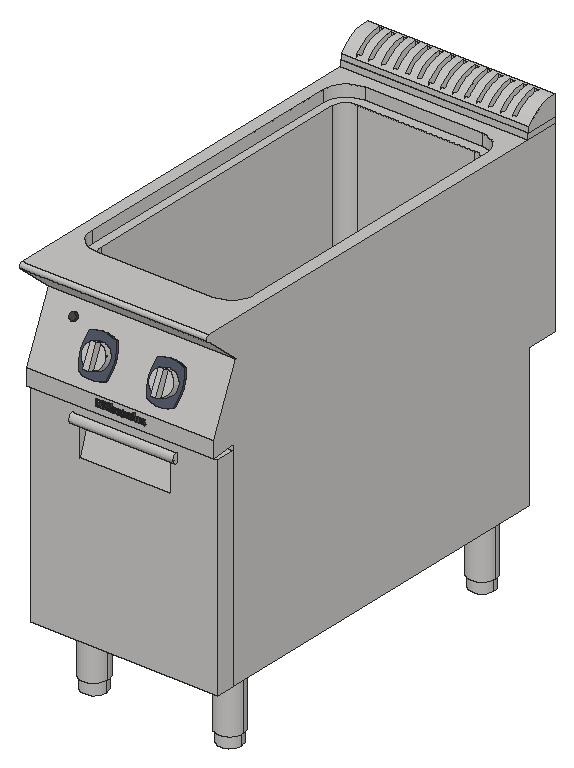
Revit family "QF_ELECTROLUXPROFESSIONAL_391412_E9OOCDBAMC", category Specialty Equipment, Revit 2018
Family settings
  Round Connector Dimension = Use Diameter
  Part Type = Normal
  Work Plane-Based = No
  Always vertical = Yes
  Cut with Voids When Loaded = No
  Shared = No
  Room Calculation Point = No
Parameters (values of type "Standard")
  Weight = 62.00 kg
  Watts = 0 W
  Volts = 380 V
  URL Manufacturer = "http://professional.electrolux.com"
  URL = "http://professional.electrolux.com"
  Steam Supply Size = 0"
  Steam Supply Minimum Pressure = 0.00 psi
  Steam Supply Maximum Pressure = 0.00 psi
  Steam Pounds per Hour = 0
  Show Logo [instance] = yes
  Show Clearance [instance] = yes
  Refrigeration Suction Line Size = 0 mm
  Refrigeration Liquid Line Size = 0 mm
  Refrigerant Compressor Remote = yes
  Phase = 3
  Model = "E9OOCDBAMC"
  Manufacturer = "Electrolux Professional"
  Length Actual = 400 mm  # constant formula
  Item Number = "391412"
  Hot Water Size = 0"
  Height Actual = 850 mm  # constant formula
  HP = "13.4 HP"
  Gas Size = 0"
  Gas KW = 0
  Gas Input Pressure = 0.0 Btu/h
  Direct Waste Size = 1"
  Description = "ELECTRIC PASTA COOKER 1X40 LT WELL (AUS)"
  Depth Actual = 930 mm  # constant formula
  Cycle = 50 Hz
  Condensate Return Size = 0"
  Compressed Air Volume = 0 GPM
  Compressed Air Size = 0"
  Compressed Air Pressure = 0.00 psi
  Cold Water Size = 3/4"
  Accessory = yes
Reference planes
  plane 1 "BACK": y = 0
  plane 2: z = 0
  plane 3 "LEFT": x = 0
  plane 4 "RIGHT": x = 400
  plane 5 "FRONT": y = -930
  plane 6 "TOP": z = 908
  plane 7 "Center Y": x = 200
  plane 8 "Center X": y = -465
  plane 9 "BASE": z = 601.763
  plane 10 "TOP A": z = 851
  plane 11: z = 150
  plane 12: y = -126
  plane 13: y = -800
  plane 14: y = -1273
  plane 15: x = 345
  plane 16: x = 55
  plane 17: y = -1273
  plane 18: x = 232
  plane 19: x = 334.782
  plane 20: x = 240
  plane 21: x = 240
Forms (mm)
  Extrusion 1, solid, material "QF_Finishes_Stainless Steel"
    sketch origin (0, 0, 0) x (0, 1, 0) y (0, 0, 1)
      loop
        line (0, 851) -> (-923.65, 851)
        arc (-923.65, 851) -> (-929.517, 847.08) -> (-928.14, 840.16) r 6.35
        line (-928.14, 840.16) -> (-852.034, 773.495) -> (-912.145, 642.892) -> (-912.145, 608.853) -> (-858.773, 614.463) -> (-858.773, 150) -> (-70, 150) -> (-70, 451.763) -> (0, 451.763) -> (0, 851)
      loop
        line (-900, 601.763) -> (-900, 150) -> (-860.361, 150) -> (-860.361, 601.763) -> (-900, 601.763)
    from 0 to 400
  Extrusion 2, void
    sketch origin (0, 0, 851) x (-1, 0, 0) y (0, -1, 0)
      loop
        arc (-75, 101.89) -> (-39.645, 116.535) -> (-25, 151.89) r 50
        line (-25, 151.89) -> (-25, 770)
        arc (-25, 770) -> (-39.645, 805.355) -> (-75, 820) r 50
        line (-75, 820) -> (-325, 820)
        arc (-325, 820) -> (-360.355, 805.355) -> (-375, 770) r 50
        line (-375, 770) -> (-375, 151.89)
        arc (-375, 151.89) -> (-360.355, 116.535) -> (-325, 101.89) r 50
        line (-325, 101.89) -> (-75, 101.89)
    from 0 to -25
  Extrusion 3, solid, material "QF_Clearances", visible <- "Show Clearance", detail levels coarse
    sketch origin (0, 0, 0) x (1, 0, 0) y (0, 1, 0)
      loop
        line (0, -930) -> (0, 0) -> (400, 0) -> (400, -930) -> (550.019, -930) -> (550.019, 150.019) -> (-150.019, 150.019) -> (-150.019, -930) -> (0, -930)
    from 0 to 908
  Revolve 4, solid, material "QF_Finishes_Stainless Steel"
    sketch origin (0, -126, 608.09) x (0, 0, 1) y (-1, 0, 0)
      loop
        line (-608.09, -55) -> (-458.09, -55) -> (-458.09, -26) -> (-583.09, -26) -> (-583.09, -28.75) -> (-608.09, -28.75) -> (-608.09, -55)
      axis (-608.09, -55) -> (-458.09, -55)
    angle from 0 to 360
  Revolve 5, solid, material "QF_Finishes_Stainless Steel"
    sketch origin (400.05, -126, 608.09) x (0, 0, 1) y (-1, 0, 0)
      loop
        line (-608.09, 55.05) -> (-608.09, 29.8) -> (-583.09, 29.8) -> (-583.09, 26.05) -> (-458.09, 26.05) -> (-458.09, 55.05) -> (-608.09, 55.05)
      axis (-608.09, 55.05) -> (-458.09, 55.05)
    angle from 0 to 360
  Extrusion 6, solid, material "QF_Door-Drawer Clearances", visible <- "Show Clearance", detail levels coarse
    sketch origin (0, 0, 851) x (-1, 0, 0) y (0, -1, 0)
      loop
        line (-400, 1273) -> (-400, 900) -> (-0.912, 900)
        arc (-0.912, 900) -> (-126.87, 1165.233) -> (-400, 1273) r 400
    from -701 to -249.237
  Revolve 7, solid, material "QF_Finishes_Stainless Steel"
    sketch origin (400.05, -800, 608.09) x (0, 0, 1) y (-1, 0, 0)
      loop
        line (-608.09, 55.05) -> (-608.09, 29.8) -> (-583.09, 29.8) -> (-583.09, 26.05) -> (-458.09, 26.05) -> (-458.09, 55.05) -> (-608.09, 55.05)
      axis (-608.09, 55.05) -> (-458.09, 55.05)
    angle from 0 to 360
  Extrusion 8, solid, material "QF_Finishes_Stainless Steel"
    sketch origin (200, 0, 0) x (0, 1, 0) y (0, 0, 1)
      loop
        line (-71.89, 863.9) -> (-71.89, 851) -> (0, 851) -> (0, 863.9) -> (-71.89, 863.9)
    from -200 to 200
  Extrusion 9, void
    sketch origin (200, -12.863, 0) x (0, 1, 0) y (0, 0, 1)
      loop
        line (-887.138, 564.263) -> (-887.138, 500.55) -> (-863.948, 564.263) -> (-887.138, 564.263)
    from -96.424 to 99.144
  Extrusion 10, solid, material "QF_Finishes_Stainless Steel"
    sketch origin (200, -12.863, 22.5) x (0, 1, 0) y (0, 0, 1)
      loop
        line (-887.137, 541.763) -> (-887.137, 561.763)
        arc (-887.137, 561.763) -> (-897.137, 551.763) -> (-887.137, 541.763) r 10
    from -110.529 to 112.106
  Revolve 11, solid, material "QF_Finishes_Stainless Steel"
    sketch origin (0, -800, 608.09) x (0, 0, 1) y (1, 0, 0)
      loop
        line (-608.09, 55) -> (-608.09, 28.75) -> (-583.09, 28.75) -> (-583.09, 26) -> (-458.09, 26) -> (-458.09, 55) -> (-608.09, 55)
      axis (-608.09, 55) -> (-458.09, 55)
    angle from 0 to 360
  Extrusion 12, solid, material "QF_Finishes_Stainless Steel"
    sketch origin (0, 0, 574.263) x (0, 1, 0) y (0, 0, 1)
      loop
        line (0, 289.638) -> (0, 333.737)
        arc (0, 333.737) -> (-39.336, 326.03) -> (-69.85, 300.038) r 79.141
        line (-69.85, 300.038) -> (-69.85, 289.638) -> (0, 289.638)
    from 0 to 400
  Extrusion 13, void
    sketch origin (0, 0, 848.9) x (0, -1, 0) y (1, 0, 0)
      loop
        line (6.761, 28.703) -> (63.911, 28.703) -> (63.911, 37.999) -> (6.761, 37.999) -> (6.761, 28.703)
      loop
        line (63.911, 63.487) -> (6.761, 63.487) -> (6.761, 54.191) -> (63.911, 54.191) -> (63.911, 63.487)
      loop
        line (63.911, 89.975) -> (6.761, 89.975) -> (6.761, 80.68) -> (63.911, 80.68) -> (63.911, 89.975)
      loop
        line (63.911, 115.464) -> (6.761, 115.464) -> (6.761, 106.168) -> (63.911, 106.168) -> (63.911, 115.464)
      loop
        line (63.911, 140.952) -> (6.761, 140.952) -> (6.761, 131.656) -> (63.911, 131.656) -> (63.911, 140.952)
      loop
        line (63.911, 166.44) -> (6.761, 166.44) -> (6.761, 157.145) -> (63.911, 157.145) -> (63.911, 166.44)
      loop
        line (63.911, 191.929) -> (6.761, 191.929) -> (6.761, 182.633) -> (63.911, 182.633) -> (63.911, 191.929)
      loop
        line (63.911, 217.417) -> (6.761, 217.417) -> (6.761, 208.121) -> (63.911, 208.121) -> (63.911, 217.417)
      loop
        line (63.911, 242.905) -> (6.761, 242.905) -> (6.761, 233.61) -> (63.911, 233.61) -> (63.911, 242.905)
      loop
        line (63.911, 268.394) -> (6.761, 268.394) -> (6.761, 259.098) -> (63.911, 259.098) -> (63.911, 268.394)
      loop
        line (63.911, 293.882) -> (6.761, 293.882) -> (6.761, 284.586) -> (63.911, 284.586) -> (63.911, 293.882)
      loop
        line (63.911, 319.37) -> (6.761, 319.37) -> (6.761, 310.075) -> (63.911, 310.075) -> (63.911, 319.37)
      loop
        line (63.911, 345.859) -> (6.761, 345.859) -> (6.761, 336.563) -> (63.911, 336.563) -> (63.911, 345.859)
      loop
        line (63.911, 370.347) -> (6.761, 370.347) -> (6.761, 361.051) -> (63.911, 361.051) -> (63.911, 370.347)
    from 25.4 to 63.5
  Extrusion 14, solid, material "QF_Finishes_Navy Blue", visible <- "Show Logo"
    sketch origin (0, -912.145, 608.853) x (0, 0, 1) y (-1, 0, 0)
      loop
        line (27.359, -159.055) -> (14.993, -159.055)
        arc (14.993, -159.055) -> (21.176, -163.626) -> (27.359, -159.055) r 6.467
      loop
        arc (27.359, -158.426) -> (26.19, -153.283) -> (21.534, -150.805) r 6.338
        line (21.534, -150.805) -> (21.534, -152.851)
        arc (21.534, -152.851) -> (23.018, -156.506) -> (26.464, -158.426) r 5.941
        line (26.464, -158.426) -> (27.359, -158.426)
      loop
        arc (15.888, -158.426) -> (19.334, -156.506) -> (20.817, -152.851) r 5.941
        line (20.817, -152.851) -> (20.817, -150.805)
        arc (20.817, -150.805) -> (16.123, -153.279) -> (14.834, -158.426) r 6.504
        line (14.834, -158.426) -> (15.888, -158.426)
      loop
        line (28.034, -150.336) -> (14.29, -150.336) -> (14.29, -164.099) -> (28.034, -164.099) -> (28.034, -150.336)
      loop
        arc (28.118, -167.066) -> (27.77, -166.709) -> (27.403, -167.047) r 0.358
        arc (27.403, -167.047) -> (27.089, -167.797) -> (26.372, -168.182) r 1.216
        line (26.372, -168.182) -> (15.959, -168.182)
        arc (15.959, -168.182) -> (15.299, -167.904) -> (14.903, -167.308) r 1.238
        arc (14.903, -167.308) -> (14.509, -167.057) -> (14.203, -167.411) r 0.358
        line (14.203, -167.411) -> (14.203, -177.29) -> (16.954, -177.29) -> (16.954, -176.393)
        arc (16.954, -176.393) -> (16.045, -175.813) -> (15.589, -174.836) r 1.928
        line (15.589, -174.836) -> (15.589, -172.337)
        arc (15.589, -172.337) -> (15.865, -171.608) -> (16.553, -171.244) r 1.101
        line (16.553, -171.244) -> (20.64, -171.244) -> (20.64, -174.917)
        arc (20.64, -174.917) -> (20.287, -175.414) -> (19.722, -175.642) r 1.083
        arc (19.722, -175.642) -> (19.459, -175.948) -> (19.751, -176.226) r 0.292
        line (19.751, -176.226) -> (22.713, -176.226)
        arc (22.713, -176.226) -> (23.016, -175.953) -> (22.777, -175.623) r 0.305
        arc (22.777, -175.623) -> (22.286, -175.375) -> (21.981, -174.917) r 1.083
        line (21.981, -174.917) -> (21.981, -171.244) -> (26.659, -171.244) -> (26.659, -174.991)
        arc (26.659, -174.991) -> (26.444, -175.747) -> (25.838, -176.245) r 1.314
        arc (25.838, -176.245) -> (25.619, -176.649) -> (25.973, -176.941) r 0.361
        line (25.973, -176.941) -> (28.118, -176.941) -> (28.118, -167.066)
      loop
        arc (27.4, -177.722) -> (27.02, -178.641) -> (26.101, -179.021) r 1.299
        line (26.101, -179.021) -> (16.522, -179.021)
        arc (16.522, -179.021) -> (15.684, -178.643) -> (15.413, -177.765) r 1.118
        line (15.413, -177.765) -> (14.203, -177.765) -> (14.203, -183.115) -> (15.391, -183.115)
        arc (15.391, -183.115) -> (15.663, -182.198) -> (16.533, -181.802) r 1.153
        line (16.533, -181.802) -> (28.605, -181.802) -> (27.4, -177.722)
      loop
        line (19.168, -185.751) -> (19.168, -192.198) -> (19.967, -192.198)
        arc (19.967, -192.198) -> (22.547, -191.214) -> (23.816, -188.76) r 3.874
        line (23.816, -188.76) -> (23.816, -187)
        arc (23.816, -187) -> (22.629, -184.135) -> (19.765, -182.949) r 4.051
        line (19.765, -182.949) -> (17.757, -182.949)
        arc (17.757, -182.949) -> (14.938, -184.434) -> (13.887, -187.441) r 4.352
        arc (13.887, -187.441) -> (14.251, -189.904) -> (15.629, -191.978) r 5.713
        line (15.629, -191.978) -> (16.578, -191.978)
        arc (16.578, -191.978) -> (15.845, -190.409) -> (15.629, -188.691) r 5.579
        arc (15.629, -188.691) -> (16.422, -186.728) -> (18.301, -185.751) r 3.057
        line (18.301, -185.751) -> (19.168, -185.751)
      loop
        line (20.427, -185.751) -> (20.427, -189.333)
        arc (20.427, -189.333) -> (21.884, -189.38) -> (22.767, -188.221) r 1.59
        line (22.767, -188.221) -> (22.767, -187.391)
        arc (22.767, -187.391) -> (21.902, -186.136) -> (20.427, -185.751) r 2.184
      loop
        arc (23.218, -201.616) -> (23.707, -199.942) -> (23.864, -198.205) r 9.023
        line (23.864, -198.205) -> (23.864, -196.843)
        arc (23.864, -196.843) -> (22.705, -194.043) -> (19.905, -192.883) r 3.959
        line (19.905, -192.883) -> (17.305, -192.883)
        arc (17.305, -192.883) -> (15.023, -194.176) -> (13.906, -196.549) r 4.331
        line (13.906, -196.549) -> (13.906, -198.684)
        arc (13.906, -198.684) -> (14.414, -200.234) -> (15.336, -201.58) r 5.772
        arc (15.336, -201.58) -> (16.098, -201.631) -> (16.184, -200.872) r 0.553
        arc (16.184, -200.872) -> (15.796, -200.138) -> (15.662, -199.319) r 2.573
        line (15.662, -199.319) -> (15.662, -197.804)
        arc (15.662, -197.804) -> (16.668, -196.162) -> (18.483, -195.52) r 2.884
        line (18.483, -195.52) -> (19.762, -195.52)
        arc (19.762, -195.52) -> (21.583, -196.08) -> (22.509, -197.745) r 2.554
        line (22.509, -197.745) -> (22.509, -198.798)
        arc (22.509, -198.798) -> (22.178, -199.726) -> (21.521, -200.461) r 2.564
        arc (21.521, -200.461) -> (21.299, -201.178) -> (21.909, -201.616) r 0.643
        line (21.909, -201.616) -> (23.218, -201.616)
      loop
        line (22.2, -201.886) -> (22.2, -203.387) -> (16.152, -203.387)
        arc (16.152, -203.387) -> (14.564, -204.045) -> (13.906, -205.633) r 2.246
        line (13.906, -205.633) -> (13.906, -207.217)
        arc (13.906, -207.217) -> (14.22, -208.081) -> (14.72, -208.853) r 4.06
        arc (14.72, -208.853) -> (15.453, -208.986) -> (15.704, -208.285) r 0.576
        arc (15.704, -208.285) -> (15.598, -207.759) -> (15.662, -207.227) r 1.69
        arc (15.662, -207.227) -> (16.204, -206.439) -> (17.11, -206.136) r 1.506
        line (17.11, -206.136) -> (22.248, -206.136) -> (22.248, -208.533) -> (22.805, -209.089) -> (23.626, -209.089) -> (23.626, -206.23) -> (26.857, -206.23) -> (22.2, -201.886)
      loop
        line (14.124, -209.987) -> (14.124, -215.374) -> (15.234, -215.374)
        arc (15.234, -215.374) -> (15.627, -214.423) -> (16.578, -214.029) r 1.345
        line (16.578, -214.029) -> (20.195, -214.029)
        arc (20.195, -214.029) -> (20.959, -214.621) -> (21.249, -215.543) r 1.615
        line (21.249, -215.543) -> (21.249, -217.099) -> (23.805, -217.784) -> (23.805, -216.401) -> (21.862, -213.842) -> (23.742, -213.842) -> (23.458, -211.136)
        arc (23.458, -211.136) -> (23.018, -210.606) -> (22.359, -210.807) r 0.621
        arc (22.359, -210.807) -> (21.959, -211.149) -> (21.465, -211.332) r 1.501
        line (21.465, -211.332) -> (16.578, -211.332)
        arc (16.578, -211.332) -> (15.627, -210.938) -> (15.234, -209.987) r 1.345
        line (15.234, -209.987) -> (14.124, -209.987)
      loop
        line (20.225, -217.321) -> (17.533, -217.321)
        arc (17.533, -217.321) -> (15.088, -218.629) -> (13.954, -221.159) r 4.288
        arc (13.954, -221.159) -> (13.89, -222.54) -> (13.954, -223.92) r 15.022
        arc (13.954, -223.92) -> (15.088, -226.451) -> (17.533, -227.758) r 4.288
        line (17.533, -227.758) -> (20.225, -227.758)
        arc (20.225, -227.758) -> (22.671, -226.451) -> (23.805, -223.92) r 4.288
        arc (23.805, -223.92) -> (23.868, -222.54) -> (23.805, -221.159) r 15.022
        arc (23.805, -221.159) -> (22.671, -218.629) -> (20.225, -217.321) r 4.288
      loop
        line (20.43, -220.435) -> (17.328, -220.435)
        arc (17.328, -220.435) -> (15.171, -222.592) -> (17.328, -224.749) r 2.157
        line (17.328, -224.749) -> (20.43, -224.749)
        arc (20.43, -224.749) -> (22.587, -222.592) -> (20.43, -220.435) r 2.157
      loop
        arc (27.411, -227.616) -> (27.041, -228.51) -> (26.147, -228.881) r 1.264
        line (26.147, -228.881) -> (16.282, -228.881)
        arc (16.282, -228.881) -> (15.412, -228.484) -> (15.141, -227.568) r 1.153
        line (15.141, -227.568) -> (14.203, -227.568) -> (14.203, -232.676) -> (15.131, -232.676)
        arc (15.131, -232.676) -> (15.49, -231.904) -> (16.282, -231.589) r 1.153
        line (16.282, -231.589) -> (28.605, -231.589) -> (27.411, -227.616)
      loop
        arc (22.531, -232.213) -> (22.332, -233.278) -> (21.363, -233.76) r 1.215
        line (21.363, -233.76) -> (16.343, -233.76)
        arc (16.343, -233.76) -> (14.728, -234.407) -> (14.008, -235.99) r 2.338
        line (14.008, -235.99) -> (14.008, -237.505)
        arc (14.008, -237.505) -> (14.182, -238.509) -> (14.684, -239.395) r 2.979
        line (14.684, -239.395) -> (14.203, -241.192) -> (14.203, -242.88) -> (23.629, -242.88) -> (23.335, -238.677) -> (22.548, -238.677)
        arc (22.548, -238.677) -> (22.192, -239.513) -> (21.44, -240.022) r 1.605
        line (21.44, -240.022) -> (16.337, -240.022)
        arc (16.337, -240.022) -> (15.917, -239.085) -> (15.844, -238.061) r 2.94
        arc (15.844, -238.061) -> (16.405, -236.96) -> (17.558, -236.517) r 1.724
        line (17.558, -236.517) -> (23.755, -236.517) -> (22.531, -232.213)
      loop
        line (23.559, -243.734) -> (21.887, -245.78) -> (18.713, -248.086) -> (15.257, -244.974)
        arc (15.257, -244.974) -> (15.02, -244.58) -> (15.042, -244.121) r 0.789
        line (15.042, -244.121) -> (14.203, -244.121) -> (14.203, -247.666) -> (15.029, -247.666)
        arc (15.029, -247.666) -> (15.372, -247.304) -> (15.862, -247.396) r 0.52
        line (15.862, -247.396) -> (17.661, -248.867) -> (15.543, -250.242)
        arc (15.543, -250.242) -> (15.142, -249.932) -> (15.055, -249.433) r 0.7
        line (15.055, -249.433) -> (14.203, -249.433) -> (14.203, -255.36) -> (15.09, -255.36)
        arc (15.09, -255.36) -> (15.157, -254.701) -> (15.552, -254.17) r 1.247
        line (15.552, -254.17) -> (19.751, -250.889) -> (22.198, -252.942) -> (23.559, -254.684) -> (23.559, -250.96) -> (22.074, -251.383) -> (20.553, -250.106) -> (22.253, -248.916) -> (23.559, -249.692) -> (23.559, -243.734)
    from 0 to 1.644
  Extrusion 15, void
    sketch origin (0, 0, 791) x (0, 1, 0) y (-1, 0, 0)
      loop
        arc (-121.89, -75) -> (-130.677, -53.787) -> (-151.89, -45) r 30
        line (-151.89, -45) -> (-606.643, -45)
        arc (-606.643, -45) -> (-627.856, -53.787) -> (-636.643, -75) r 30
        line (-636.643, -75) -> (-636.643, -325)
        arc (-636.643, -325) -> (-627.856, -346.213) -> (-606.643, -355) r 30
        line (-606.643, -355) -> (-151.89, -355)
        arc (-151.89, -355) -> (-130.677, -346.213) -> (-121.89, -325) r 30
        line (-121.89, -325) -> (-121.89, -75)
    from 35 to -339.237
  Extrusion 16, void
    sketch origin (0, -1273.285, 791) x (0, 1, 0) y (-1, 0, 0)
      loop
        line (473.285, -75) -> (473.285, -325)
        arc (473.285, -325) -> (482.072, -346.213) -> (503.285, -355) r 30
        line (503.285, -355) -> (666.643, -355)
        arc (666.643, -355) -> (645.429, -346.213) -> (636.643, -325) r 30
        line (636.643, -325) -> (636.643, -75)
        arc (636.643, -75) -> (645.429, -53.787) -> (666.643, -45) r 30
        line (666.643, -45) -> (503.285, -45)
        arc (503.285, -45) -> (482.072, -53.787) -> (473.285, -75) r 30
    from 35 to -189.237
  Extrusion 17, solid, material "QF_Finishes_Stainless Steel"
    sketch origin (0, 0, 0) x (1, 0, 0) y (0, 1, 0)
      loop
        circle (232, -780) r 12.7
    from 176 to 292.788
  Extrusion 18, solid, material "QF_Finishes_Stainless Steel"
    sketch origin (0, 0, 150) x (-1, 0, 0) y (0, 1, 0)
      loop
        circle (-240, -570) r 6.35
    from 0 to 10
  Extrusion 19, solid, material "QF_Finishes_Stainless Steel"
    sketch origin (152.628, 92.372, 0) x (1, 0, 0) y (0, 1, 0)
      loop
        circle (182.372, -792.372) r 9.525
    from 200 to 331.575
  Extrusion 20, solid, material "QF_Finishes_Navy Blue"
    sketch origin (-405.52, -913.486, 639.979) x (0, 0.418102, 0.9084) y (-1, 0, 0)
      loop
        arc (102.623, -510.47) -> (67.041, -502.846) -> (31.333, -509.853) r 90.5
        arc (31.333, -509.853) -> (24.507, -539.04) -> (31.333, -568.228) r 65.817
        arc (31.333, -568.228) -> (67.04, -575.188) -> (102.623, -567.615) r 91.066
        arc (102.623, -567.615) -> (109.179, -539.043) -> (102.623, -510.47) r 65.546
    from 0 to 3.175
  Extrusion 21, solid, material "QF_Finishes_Stainless Steel"
    sketch origin (-26.77, -917.2, 639.505) x (0, 0.418102, 0.9084) y (-1, 0, 0)
      loop
        circle (68.826, -160.963) r 25.4
    from 0 to 12.7
  Extrusion 22, solid, material "QF_Finishes_Stainless Steel"
    sketch origin (-26.77, -928.736, 644.814) x (0, 0.418102, 0.9084) y (-1, 0, 0)
      loop
        arc (93.558, -166.749) -> (94.226, -160.963) -> (93.558, -155.177) r 25.4
        line (93.558, -155.177) -> (44.094, -155.177)
        arc (44.094, -155.177) -> (43.426, -160.963) -> (44.094, -166.749) r 25.4
        line (44.094, -166.749) -> (93.558, -166.749)
    from 0 to 12.7
  Extrusion 23, solid, material "QF_Finishes_Navy Blue"
    sketch origin (-260.52, -913.486, 639.979) x (0, 0.418102, 0.9084) y (-1, 0, 0)
      loop
        arc (102.623, -510.47) -> (67.041, -502.846) -> (31.333, -509.853) r 90.5
        arc (31.333, -509.853) -> (24.507, -539.04) -> (31.333, -568.228) r 65.817
        arc (31.333, -568.228) -> (67.04, -575.188) -> (102.623, -567.615) r 91.066
        arc (102.623, -567.615) -> (109.179, -539.043) -> (102.623, -510.47) r 65.546
    from 0 to 3.175
  Extrusion 24, solid, material "QF_Finishes_Stainless Steel"
    sketch origin (118.23, -917.2, 639.505) x (0, 0.418102, 0.9084) y (-1, 0, 0)
      loop
        circle (68.826, -160.963) r 25.4
    from 0 to 12.7
  Extrusion 25, solid, material "QF_Finishes_Stainless Steel"
    sketch origin (118.23, -928.736, 644.814) x (0, 0.418102, 0.9084) y (-1, 0, 0)
      loop
        arc (93.558, -166.749) -> (94.226, -160.963) -> (93.558, -155.177) r 25.4
        line (93.558, -155.177) -> (44.094, -155.177)
        arc (44.094, -155.177) -> (43.426, -160.963) -> (44.094, -166.749) r 25.4
        line (44.094, -166.749) -> (93.558, -166.749)
    from 0 to 12.7
  Extrusion 26, solid, material "QF_Finishes_Black"
    sketch origin (-36.317, -915, 636.69) x (0, 0.418102, 0.9084) y (-1, 0, 0)
      loop
        circle (117.556, -101.317) r 7.5
    from 0 to 4
Cuts and joins
  Extrusion 2, Extrusion 9, Extrusion 15, Extrusion 16 cuts Extrusion 1
  Extrusion 13 cuts Extrusion 12
Lines and regions (mm)
  symbolic lines, style "QF_Clearances", visible <- "Show Clearance", detail levels coarse
    curve 1: line (-150.019, 150.019, 851) -> (-150.019, -930, 851)
    curve 2: line (550.019, 150.019, 851) -> (-150.019, 150.019, 851)
    curve 3: line (550.019, -930, 851) -> (550.019, 150.019, 851)
  symbolic lines
    curve 4: line (0, -930, 851) -> (0, 0, 851)
    curve 5: line (400, 0, 851) -> (400, -930, 851)
    curve 6: line (400, -930, 851) -> (0, -930, 851)
    curve 9: line (0, -71.89, 851) -> (400, -71.89, 851)
    curve 10: line (0, 0, 851) -> (400, 0, 851)
    curve 11: line (28.703, -6.761, 851) -> (37.999, -6.761, 851)
    curve 12: line (28.703, -63.911, 851) -> (28.703, -6.761, 851)
    curve 13: line (37.999, -63.911, 851) -> (28.703, -63.911, 851)
    curve 14: line (37.999, -6.761, 851) -> (37.999, -63.911, 851)
    curve 15: line (54.191, -6.761, 851) -> (63.487, -6.761, 851)
    curve 16: line (54.191, -63.911, 851) -> (54.191, -6.761, 851)
    curve 17: line (63.487, -63.911, 851) -> (54.191, -63.911, 851)
    curve 18: line (63.487, -6.761, 851) -> (63.487, -63.911, 851)
    curve 19: line (80.68, -6.761, 851) -> (89.975, -6.761, 851)
    curve 20: line (80.68, -63.911, 851) -> (80.68, -6.761, 851)
    curve 21: line (89.975, -63.911, 851) -> (80.68, -63.911, 851)
    curve 22: line (89.975, -6.761, 851) -> (89.975, -63.911, 851)
    curve 23: line (106.168, -6.761, 851) -> (115.464, -6.761, 851)
    curve 24: line (106.168, -63.911, 851) -> (106.168, -6.761, 851)
    curve 25: line (115.464, -63.911, 851) -> (106.168, -63.911, 851)
    curve 26: line (115.464, -6.761, 851) -> (115.464, -63.911, 851)
    curve 27: line (131.656, -6.761, 851) -> (140.952, -6.761, 851)
    curve 28: line (131.656, -63.911, 851) -> (131.656, -6.761, 851)
    curve 29: line (140.952, -63.911, 851) -> (131.656, -63.911, 851)
    curve 30: line (140.952, -6.761, 851) -> (140.952, -63.911, 851)
    curve 31: line (157.145, -6.761, 851) -> (166.44, -6.761, 851)
    curve 32: line (157.145, -63.911, 851) -> (157.145, -6.761, 851)
    curve 33: line (166.44, -63.911, 851) -> (157.145, -63.911, 851)
    curve 34: line (166.44, -6.761, 851) -> (166.44, -63.911, 851)
    curve 35: line (182.633, -6.761, 851) -> (191.929, -6.761, 851)
    curve 36: line (182.633, -63.911, 851) -> (182.633, -6.761, 851)
    curve 37: line (191.929, -63.911, 851) -> (182.633, -63.911, 851)
    curve 38: line (191.929, -6.761, 851) -> (191.929, -63.911, 851)
    curve 39: line (208.121, -6.761, 851) -> (218.417, -6.761, 851)
    curve 40: line (208.121, -63.911, 851) -> (208.121, -6.761, 851)
    curve 41: line (218.417, -63.911, 851) -> (208.121, -63.911, 851)
    curve 42: line (218.417, -6.761, 851) -> (218.417, -63.911, 851)
    curve 43: line (234.61, -6.761, 851) -> (243.905, -6.761, 851)
    curve 44: line (234.61, -63.911, 851) -> (234.61, -6.761, 851)
    curve 45: line (243.905, -63.911, 851) -> (234.61, -63.911, 851)
    curve 46: line (243.905, -6.761, 851) -> (243.905, -63.911, 851)
    curve 47: line (260.098, -6.761, 851) -> (269.394, -6.761, 851)
    curve 48: line (260.098, -63.911, 851) -> (260.098, -6.761, 851)
    curve 49: line (269.394, -63.911, 851) -> (260.098, -63.911, 851)
    curve 50: line (269.394, -6.761, 851) -> (269.394, -63.911, 851)
    curve 51: line (285.586, -6.761, 851) -> (294.882, -6.761, 851)
    curve 52: line (285.586, -63.911, 851) -> (285.586, -6.761, 851)
    curve 53: line (294.882, -63.911, 851) -> (285.586, -63.911, 851)
    curve 54: line (294.882, -6.761, 851) -> (294.882, -63.911, 851)
    curve 55: line (311.075, -6.761, 851) -> (320.37, -6.761, 851)
    curve 56: line (311.075, -63.911, 851) -> (311.075, -6.761, 851)
    curve 57: line (320.37, -63.911, 851) -> (311.075, -63.911, 851)
    curve 58: line (320.37, -6.761, 851) -> (320.37, -63.911, 851)
    curve 59: line (336.563, -6.761, 851) -> (345.859, -6.761, 851)
    curve 60: line (336.563, -63.911, 851) -> (336.563, -6.761, 851)
    curve 61: line (345.859, -63.911, 851) -> (336.563, -63.911, 851)
    curve 62: line (345.859, -6.761, 851) -> (345.859, -63.911, 851)
    curve 63: line (361.051, -6.761, 851) -> (370.347, -6.761, 851)
    curve 64: line (361.051, -63.911, 851) -> (361.051, -6.761, 851)
    curve 65: line (370.347, -63.911, 851) -> (361.051, -63.911, 851)
    curve 66: line (370.347, -6.761, 851) -> (370.347, -63.911, 851)
    curve 67: line (25, -770, 851) -> (25, -151.89, 851)
    curve 68: arc (25, -151.89, 851) -> (39.645, -116.535, 851) -> (75, -101.89, 851) r 50
    curve 69: line (75, -101.89, 851) -> (325, -101.89, 851)
    curve 70: arc (325, -101.89, 851) -> (360.355, -116.535, 851) -> (375, -151.89, 851) r 50
    curve 71: line (375, -151.89, 851) -> (375, -770, 851)
    curve 72: arc (375, -770, 851) -> (360.355, -805.355, 851) -> (325, -820, 851) r 50
    curve 73: line (325, -820, 851) -> (75, -820, 851)
    curve 74: arc (75, -820, 851) -> (39.645, -805.355, 851) -> (25, -770, 851) r 50
    curve 75: line (75, -121.89, 851) -> (325, -121.89, 851)
    curve 76: arc (325, -121.89, 851) -> (346.213, -130.677, 851) -> (355, -151.89, 851) r 30
    curve 77: line (355, -151.89, 851) -> (355, -770, 851)
    curve 78: arc (355, -770, 851) -> (346.213, -791.213, 851) -> (325, -800, 851) r 30
    curve 79: line (325, -800, 851) -> (75, -800, 851)
    curve 80: arc (75, -800, 851) -> (53.787, -791.213, 851) -> (45, -770, 851) r 30
    curve 81: line (45, -770, 851) -> (45, -151.89, 851)
    curve 82: arc (45, -151.89, 851) -> (53.787, -130.677, 851) -> (75, -121.89, 851) r 30
    curve 83: line (75, -636.643, 851) -> (325, -636.643, 851)
    curve 84: arc (45, -606.643, 851) -> (53.787, -627.856, 851) -> (75, -636.643, 851) r 30
    curve 85: arc (325, -636.643, 851) -> (346.213, -627.856, 851) -> (355, -606.643, 851) r 30
    curve 86: line (65, -606.643, 851) -> (65, -151.89, 851)
    curve 87: line (75, -616.643, 851) -> (325, -616.643, 851)
    curve 88: arc (65, -606.643, 851) -> (67.929, -613.714, 851) -> (75, -616.643, 851) r 10
    curve 89: arc (325, -616.643, 851) -> (332.071, -613.714, 851) -> (335, -606.643, 851) r 10
    curve 90: line (335, -151.89, 851) -> (335, -606.643, 851)
    curve 91: arc (325, -141.89, 851) -> (332.071, -144.819, 851) -> (335, -151.89, 851) r 10
    curve 92: line (75, -141.89, 851) -> (325, -141.89, 851)
    curve 93: arc (65, -151.89, 851) -> (67.929, -144.819, 851) -> (75, -141.89, 851) r 10
  symbolic lines, style "QF_Door-Drawer Clearances"
    curve 7: arc (4.082, -930, 851) -> (23.737, -1008.742, 851) -> (58.881, -1081.897, 851) r 400
    curve 8: line (58.881, -1081.897, 851) -> (326.76, -930, 851)
Dimensions and locks
  equal spacing: plane 3 "LEFT", plane 7 "Center Y", plane 4 "RIGHT"
  plane 3 "LEFT" to plane 4 "RIGHT" = 400 mm
  equal spacing: plane 5 "FRONT", plane 8 "Center X", plane 1 "BACK"
  plane 5 "FRONT" to plane 1 "BACK" = 930 mm  (x2)
  plane 1 "BACK" to plane 5 "FRONT" = 930 mm
  plane 11 to level = 150 mm
  plane 1 "BACK" to plane 12 = 126 mm
  plane 12 to plane 13 to cut or joined group of Extrusion 1, Extrusion 2, Extrusion 9, Extrusion 15, Extrusion 16 = 674 mm, 100 mm
  locked: plane 14 to plane 5 "FRONT" at 343
  plane 4 "RIGHT" to plane 15 = 55 mm
  plane 16 to plane 3 "LEFT" = 55 mm
  plane 4 "RIGHT" to plane 3 "LEFT" = 400 mm
  plane 5 "FRONT" to plane 17 = 343 mm
  plane 1 "BACK" to curve 2 = 150.019 mm
  plane 4 "RIGHT" to curve 3 = 150.019 mm
  curve 1 to plane 3 "LEFT" = 150.019 mm
  plane 10 "TOP A" to level = 851 mm
  plane 10 "TOP A" to plane 11 = 701 mm
  plane 10 "TOP A" to plane 11 to level = 701 mm, 150 mm
  plane 6 "TOP" to level = 908 mm
  plane 15 to plane 16 = 290 mm
  plane 3 "LEFT" to Extrusion 17 sketch curve = 232 mm
  Extrusion 17 sketch curve to plane 1 "BACK" = 780 mm
  cut or joined group of Extrusion 1, Extrusion 2, Extrusion 9, Extrusion 15, Extrusion 16 to Extrusion 17 = 26 mm
  plane 3 "LEFT" to Extrusion 18 sketch curve = 240 mm
  Extrusion 18 sketch curve to plane 1 "BACK" = 570 mm
  Extrusion 18 to plane 1 "BACK" = 570 mm
  Extrusion 17 to plane 1 "BACK" = 780 mm
  plane 3 "LEFT" to plane 18 = 232 mm
  plane 19 to plane 4 "RIGHT" = 65.218 mm
  Extrusion 19 to plane 1 "BACK" = 700 mm
  cut or joined group of Extrusion 1, Extrusion 2, Extrusion 9, Extrusion 15, Extrusion 16 to Extrusion 19 = 50 mm
  plane 1 "BACK" to Extrusion 19 = 700 mm
  plane 1 "BACK" to Extrusion 18 = 570 mm
  plane 1 "BACK" to Extrusion 17 = 780 mm
  Extrusion 19 to plane 11 = 50 mm
  plane 3 "LEFT" to plane 21 = 240 mm
  aligned and locked: level to plane 2
  aligned and locked: plane 4 "RIGHT" to Extrusion 1
  aligned and locked: plane 6 "TOP" to Extrusion 3
  aligned and locked: plane 13 to Revolve 7
  aligned and locked: plane 12 to Revolve 4
  aligned and locked: plane 12 to Revolve 5
  aligned and locked: plane 4 "RIGHT" to Extrusion 8
  aligned and locked: plane 14 to Extrusion 6 sketch curve
  aligned and locked: plane 13 to Revolve 11
Automatic sketch dimensions
  Extrusion 1 sketch curve to plane 10 "TOP A" = 0 mm
  Extrusion 1 sketch curve to plane 9 "BASE" = 0 mm
  Extrusion 1 sketch curve to plane 11 = 0 mm  (x2)
  Extrusion 1 sketch curve to plane 1 "BACK" = 0 mm
  Extrusion 1 sketch curve to plane 12 = 56 mm
  plane 13 to Extrusion 1 sketch curve = 52.034 mm
  plane 13 to Extrusion 1 sketch curve = 58.773 mm
  Extrusion 1 sketch curve to Extrusion 1 sketch curve = 1.588 mm
  Extrusion 1 sketch curve to plane 5 "FRONT" = 30 mm
  plane 9 "BASE" to Extrusion 1 sketch curve = 7.09 mm
  Extrusion 1 sketch curve to Extrusion 1 sketch curve = 12.145 mm
  Extrusion 1 sketch curve to plane 5 "FRONT" = 6.35 mm
  Extrusion 1 sketch curve to plane 5 "FRONT" = 1.86 mm
  Extrusion 1 sketch curve to plane 9 "BASE" = 150 mm
  plane 9 "BASE" to Extrusion 1 sketch curve = 12.7 mm
  Extrusion 1 sketch curve to Extrusion 1 sketch curve = 34.039 mm
  Extrusion 1 sketch curve to plane 10 "TOP A" = 77.505 mm
  Extrusion 1 sketch curve to plane 10 "TOP A" = 10.84 mm
  Extrusion 2 sketch curve to plane 4 "RIGHT" = 25 mm
  plane 19 to Extrusion 2 sketch curve = 9.782 mm  (x2)
  plane 3 "LEFT" to Extrusion 2 sketch curve = 25 mm
  Extrusion 2 sketch curve to plane 12 = 24.11 mm
  Extrusion 2 sketch curve to plane 13 = 30 mm
  plane 5 "FRONT" to Extrusion 3 sketch curve = 0 mm  (x2)
  plane 1 "BACK" to Extrusion 3 sketch curve = 0 mm
  Extrusion 3 sketch curve to plane 3 "LEFT" = 0 mm
  Extrusion 3 sketch curve to plane 4 "RIGHT" = 0 mm
  Extrusion 3 sketch curve to plane 3 "LEFT" = 150.019 mm
  plane 4 "RIGHT" to Extrusion 3 sketch curve = 150.019 mm
  Extrusion 3 sketch curve to plane 1 "BACK" = 150.019 mm
  Revolve 4 sketch curve to level = 0 mm
  Revolve 4 sketch curve to plane 11 = 0 mm  (x2)
  Revolve 4 sketch curve to plane 16 = 0 mm  (x2)
  level to Revolve 4 sketch curve = 25 mm
  plane 11 to Revolve 4 sketch curve = 20 mm
  Revolve 4 sketch curve to plane 16 = 26.25 mm
  plane 3 "LEFT" to Revolve 4 sketch curve = 26 mm
  Revolve 5 sketch curve to level = 0 mm
  Revolve 5 sketch curve to plane 11 = 0 mm  (x2)
  Revolve 5 sketch curve to plane 15 = 0 mm  (x2)
  level to Revolve 5 sketch curve = 25 mm
  plane 11 to Revolve 5 sketch curve = 20 mm
  plane 15 to Revolve 5 sketch curve = 25.25 mm
  Revolve 5 sketch curve to plane 4 "RIGHT" = 26 mm
  Extrusion 6 sketch curve to plane 4 "RIGHT" = 0 mm
  plane 3 "LEFT" to Extrusion 6 sketch curve = 0.912 mm
  Extrusion 6 sketch curve to plane 5 "FRONT" = 30 mm
  Revolve 7 sketch curve to level = 0 mm
  Revolve 7 sketch curve to plane 11 = 0 mm  (x2)
  Revolve 7 sketch curve to plane 15 = 0 mm  (x2)
  level to Revolve 7 sketch curve = 25 mm
  plane 11 to Revolve 7 sketch curve = 20 mm
  plane 15 to Revolve 7 sketch curve = 25.25 mm
  Revolve 7 sketch curve to plane 4 "RIGHT" = 26 mm
  Extrusion 8 sketch curve to plane 10 "TOP A" = 0 mm
  Extrusion 8 sketch curve to plane 1 "BACK" = 0 mm
  plane 10 "TOP A" to Extrusion 8 sketch curve = 12.9 mm
  Extrusion 8 sketch curve to plane 12 = 54.11 mm
  Extrusion 9 sketch curve to plane 5 "FRONT" = 30 mm
  Extrusion 9 sketch curve to Extrusion 9 sketch curve = 23.189 mm
  Extrusion 9 sketch curve to plane 9 "BASE" = 101.212 mm
  Extrusion 9 sketch curve to plane 9 "BASE" = 37.5 mm
  Extrusion 10 sketch curve to plane 5 "FRONT" = 30 mm
  Extrusion 10 sketch curve to plane 9 "BASE" = 37.5 mm
  Extrusion 10 sketch curve to Extrusion 10 sketch curve = 10 mm
  Revolve 11 sketch curve to level = 0 mm
  Revolve 11 sketch curve to plane 11 = 0 mm  (x2)
  Revolve 11 sketch curve to plane 16 = 0 mm  (x2)
  level to Revolve 11 sketch curve = 25 mm
  plane 11 to Revolve 11 sketch curve = 20 mm
  Revolve 11 sketch curve to plane 16 = 26.25 mm
  plane 3 "LEFT" to Revolve 11 sketch curve = 26 mm
  Extrusion 12 sketch curve to plane 1 "BACK" = 0 mm
  Extrusion 12 sketch curve to plane 6 "TOP" = 0 mm
  plane 1 "BACK" to Extrusion 12 sketch curve = 4.947 mm
  plane 10 "TOP A" to Extrusion 12 sketch curve = 23.3 mm
  plane 1 "BACK" to Extrusion 12 sketch curve = 69.85 mm
  plane 10 "TOP A" to Extrusion 12 sketch curve = 12.9 mm
  plane 1 "BACK" to Extrusion 13 sketch curve = 6.761 mm  (x14)
  Extrusion 13 sketch curve to plane 19 = 1.781 mm
  Extrusion 13 sketch curve to plane 18 = 1.61 mm
  plane 18 to Extrusion 13 sketch curve = 14.583 mm
  Extrusion 13 sketch curve to Extrusion 13 sketch curve = 57.15 mm
  Extrusion 13 sketch curve to plane 7 "Center Y" = 8.071 mm
  Extrusion 13 sketch curve to Extrusion 13 sketch curve = 0 mm  (x13)
  Extrusion 13 sketch curve to plane 18 = 10.905 mm
  plane 15 to Extrusion 13 sketch curve = 0.859 mm
  Extrusion 13 sketch curve to plane 16 = 0.809 mm
  Extrusion 13 sketch curve to Extrusion 13 sketch curve = 16.193 mm  (x7)
  Extrusion 13 sketch curve to Extrusion 13 sketch curve = 9.296 mm  (x10)
  plane 7 "Center Y" to Extrusion 13 sketch curve = 8.121 mm
  Extrusion 13 sketch curve to Extrusion 13 sketch curve = 15.193 mm
  plane 18 to Extrusion 14 sketch curve = 9.46 mm
  plane 9 "BASE" to Extrusion 14 sketch curve = 15.936 mm
  plane 9 "BASE" to Extrusion 14 sketch curve = 20.977 mm
  plane 7 "Center Y" to Extrusion 14 sketch curve = 7.217 mm
  Extrusion 14 sketch curve to Extrusion 14 sketch curve = 5.06 mm
  Extrusion 14 sketch curve to plane 7 "Center Y" = 3.451 mm
  Extrusion 14 sketch curve to Extrusion 14 sketch curve = 0 mm  (x28)
  Extrusion 14 sketch curve to Extrusion 14 sketch curve = 5.108 mm  (x2)
  Extrusion 14 sketch curve to plane 18 = 5.505 mm
  Extrusion 14 sketch curve to Extrusion 14 sketch curve = 0.054 mm
  Extrusion 14 sketch curve to Extrusion 14 sketch curve = 0.218 mm
  Extrusion 14 sketch curve to Extrusion 14 sketch curve = 0.195 mm
  Extrusion 14 sketch curve to Extrusion 14 sketch curve = 0.249 mm
  Extrusion 14 sketch curve to Extrusion 14 sketch curve = 0.316 mm
  Extrusion 14 sketch curve to Extrusion 14 sketch curve = 0.087 mm
  Extrusion 14 sketch curve to Extrusion 14 sketch curve = 0.358 mm
  Extrusion 14 sketch curve to Extrusion 14 sketch curve = 0.481 mm
  Extrusion 14 sketch curve to Extrusion 14 sketch curve = 0.597 mm
  Extrusion 14 sketch curve to Extrusion 14 sketch curve = 0.544 mm
  Extrusion 14 sketch curve to Extrusion 14 sketch curve = 0.936 mm
  Extrusion 14 sketch curve to Extrusion 14 sketch curve = 0.594 mm
  Extrusion 14 sketch curve to Extrusion 14 sketch curve = 0.343 mm
  Extrusion 14 sketch curve to Extrusion 14 sketch curve = 0.159 mm
  Extrusion 14 sketch curve to Extrusion 14 sketch curve = 0.826 mm
  Extrusion 14 sketch curve to Extrusion 14 sketch curve = 0.839 mm
  Extrusion 14 sketch curve to Extrusion 14 sketch curve = 0.852 mm
  Extrusion 14 sketch curve to Extrusion 14 sketch curve = 0.887 mm
  Extrusion 14 sketch curve to Extrusion 14 sketch curve = 0.928 mm
  Extrusion 14 sketch curve to Extrusion 14 sketch curve = 0.938 mm
  Extrusion 14 sketch curve to Extrusion 14 sketch curve = 0.444 mm
  Extrusion 14 sketch curve to Extrusion 14 sketch curve = 1.11 mm  (x3)
  Extrusion 14 sketch curve to plane 18 = 12.974 mm
  Extrusion 14 sketch curve to Extrusion 14 sketch curve = 0.215 mm
  plane 7 "Center Y" to Extrusion 14 sketch curve = 1.58 mm
  Extrusion 14 sketch curve to Extrusion 14 sketch curve = 1.43 mm
  Extrusion 14 sketch curve to Extrusion 14 sketch curve = 1.188 mm
  Extrusion 14 sketch curve to Extrusion 14 sketch curve = 1.21 mm  (x2)
  Extrusion 14 sketch curve to Extrusion 14 sketch curve = 0.503 mm
  Extrusion 14 sketch curve to Extrusion 14 sketch curve = 0.488 mm
  Extrusion 14 sketch curve to Extrusion 14 sketch curve = 0.462 mm
  Extrusion 14 sketch curve to Extrusion 14 sketch curve = 1.386 mm
  Extrusion 14 sketch curve to Extrusion 14 sketch curve = 1.742 mm  (x2)
  Extrusion 14 sketch curve to Extrusion 14 sketch curve = 0.821 mm
  Extrusion 14 sketch curve to Extrusion 14 sketch curve = 0.497 mm
  Extrusion 14 sketch curve to Extrusion 14 sketch curve = 0.539 mm
  Extrusion 14 sketch curve to Extrusion 14 sketch curve = 0.199 mm
  Extrusion 14 sketch curve to Extrusion 14 sketch curve = 0.408 mm
  Extrusion 14 sketch curve to Extrusion 14 sketch curve = 0.528 mm
  Extrusion 14 sketch curve to Extrusion 14 sketch curve = 1.16 mm
  Extrusion 14 sketch curve to Extrusion 14 sketch curve = 0.329 mm
  Extrusion 14 sketch curve to Extrusion 14 sketch curve = 1.054 mm
  Extrusion 14 sketch curve to Extrusion 14 sketch curve = 1.056 mm
  Extrusion 14 sketch curve to Extrusion 14 sketch curve = 0.129 mm
  Extrusion 14 sketch curve to Extrusion 14 sketch curve = 0.489 mm
  Extrusion 14 sketch curve to Extrusion 14 sketch curve = 0.441 mm
  plane 18 to Extrusion 14 sketch curve = 0.411 mm
  Extrusion 14 sketch curve to Extrusion 14 sketch curve = 1.151 mm
  Extrusion 14 sketch curve to Extrusion 14 sketch curve = 1.141 mm  (x2)
  Extrusion 14 sketch curve to Extrusion 14 sketch curve = 0.768 mm
  Extrusion 14 sketch curve to Extrusion 14 sketch curve = 1.653 mm
  Extrusion 14 sketch curve to Extrusion 14 sketch curve = 0.499 mm
  Extrusion 14 sketch curve to Extrusion 14 sketch curve = 0.964 mm
  Extrusion 14 sketch curve to Extrusion 14 sketch curve = 0.949 mm
  Extrusion 14 sketch curve to Extrusion 14 sketch curve = 1.345 mm  (x3)
  Extrusion 14 sketch curve to Extrusion 14 sketch curve = 1.101 mm
  Extrusion 14 sketch curve to Extrusion 14 sketch curve = 0.432 mm
  Extrusion 14 sketch curve to Extrusion 14 sketch curve = 1.142 mm
  Extrusion 14 sketch curve to Extrusion 14 sketch curve = 0.959 mm
  Extrusion 14 sketch curve to Extrusion 14 sketch curve = 0.176 mm
  Extrusion 14 sketch curve to Extrusion 14 sketch curve = 0.728 mm
  Extrusion 14 sketch curve to Extrusion 14 sketch curve = 3.375 mm  (x2)
  Extrusion 14 sketch curve to Extrusion 14 sketch curve = 0.541 mm
  Extrusion 14 sketch curve to Extrusion 14 sketch curve = 0.955 mm
  Extrusion 14 sketch curve to Extrusion 14 sketch curve = 1.251 mm
  Extrusion 14 sketch curve to Extrusion 14 sketch curve = 0.572 mm
  Extrusion 14 sketch curve to Extrusion 14 sketch curve = 1.92 mm
  Extrusion 14 sketch curve to Extrusion 14 sketch curve = 1.224 mm
  Extrusion 14 sketch curve to Extrusion 14 sketch curve = 0.745 mm
  Extrusion 14 sketch curve to Extrusion 14 sketch curve = 2.537 mm
  Extrusion 14 sketch curve to Extrusion 14 sketch curve = 0.896 mm  (x3)
  Extrusion 14 sketch curve to plane 7 "Center Y" = 0.681 mm
  Extrusion 14 sketch curve to Extrusion 14 sketch curve = 2.607 mm
  Extrusion 14 sketch curve to Extrusion 14 sketch curve = 0.066 mm
  Extrusion 14 sketch curve to Extrusion 14 sketch curve = 0.248 mm
  Extrusion 14 sketch curve to Extrusion 14 sketch curve = 0.449 mm
  Extrusion 14 sketch curve to Extrusion 14 sketch curve = 1.052 mm
  Extrusion 14 sketch curve to Extrusion 14 sketch curve = 1.863 mm
  Extrusion 14 sketch curve to Extrusion 14 sketch curve = 1.31 mm  (x2)
  Extrusion 14 sketch curve to Extrusion 14 sketch curve = 0.901 mm
  Extrusion 14 sketch curve to Extrusion 14 sketch curve = 1.107 mm
  Extrusion 14 sketch curve to Extrusion 14 sketch curve = 2.122 mm
  Extrusion 14 sketch curve to Extrusion 14 sketch curve = 2.101 mm
  Extrusion 14 sketch curve to Extrusion 14 sketch curve = 0.106 mm
  Extrusion 14 sketch curve to Extrusion 14 sketch curve = 0.029 mm
  Extrusion 14 sketch curve to Extrusion 14 sketch curve = 2.09 mm
  Extrusion 14 sketch curve to Extrusion 14 sketch curve = 1.279 mm
  Extrusion 14 sketch curve to Extrusion 14 sketch curve = 2.008 mm
  Extrusion 14 sketch curve to Extrusion 14 sketch curve = 0.738 mm
  Extrusion 14 sketch curve to Extrusion 14 sketch curve = 0.382 mm
  Extrusion 14 sketch curve to Extrusion 14 sketch curve = 0.384 mm
  Extrusion 14 sketch curve to Extrusion 14 sketch curve = 0.002 mm
  Extrusion 14 sketch curve to Extrusion 14 sketch curve = 0.561 mm
  Extrusion 14 sketch curve to Extrusion 14 sketch curve = 0.592 mm
  Extrusion 14 sketch curve to Extrusion 14 sketch curve = 2.692 mm
  Extrusion 14 sketch curve to Extrusion 14 sketch curve = 1.259 mm
  Extrusion 14 sketch curve to Extrusion 14 sketch curve = 0.802 mm
  Extrusion 14 sketch curve to Extrusion 14 sketch curve = 1.024 mm  (x2)
  Extrusion 14 sketch curve to Extrusion 14 sketch curve = 0.682 mm
  Extrusion 14 sketch curve to Extrusion 14 sketch curve = 5.934 mm
  Extrusion 14 sketch curve to Extrusion 14 sketch curve = 2.186 mm
  Extrusion 14 sketch curve to Extrusion 14 sketch curve = 0.337 mm
  Extrusion 14 sketch curve to Extrusion 14 sketch curve = 0.021 mm
  Extrusion 14 sketch curve to Extrusion 14 sketch curve = 1.005 mm
  Extrusion 14 sketch curve to Extrusion 14 sketch curve = 0.552 mm
  Extrusion 14 sketch curve to Extrusion 14 sketch curve = 0.778 mm
  Extrusion 14 sketch curve to Extrusion 14 sketch curve = 0.063 mm
  Extrusion 14 sketch curve to Extrusion 14 sketch curve = 1.023 mm
  Extrusion 14 sketch curve to plane 18 = 1.76 mm
  Extrusion 14 sketch curve to Extrusion 14 sketch curve = 3.804 mm
  Extrusion 14 sketch curve to Extrusion 14 sketch curve = 0.486 mm
  Extrusion 14 sketch curve to Extrusion 14 sketch curve = 0.266 mm
  plane 7 "Center Y" to Extrusion 14 sketch curve = 0.461 mm
  Extrusion 14 sketch curve to Extrusion 14 sketch curve = 1.547 mm
  Extrusion 14 sketch curve to Extrusion 14 sketch curve = 0.717 mm  (x2)
  Extrusion 14 sketch curve to Extrusion 14 sketch curve = 1.667 mm
  Extrusion 14 sketch curve to plane 18 = 13.78 mm
  Extrusion 14 sketch curve to Extrusion 14 sketch curve = 3.174 mm
  Extrusion 14 sketch curve to Extrusion 14 sketch curve = 0.388 mm
  Extrusion 14 sketch curve to Extrusion 14 sketch curve = 1.342 mm
  Extrusion 14 sketch curve to Extrusion 14 sketch curve = 1.521 mm
  Extrusion 14 sketch curve to Extrusion 14 sketch curve = 0.124 mm
  Extrusion 14 sketch curve to Extrusion 14 sketch curve = 0.291 mm
  plane 7 "Center Y" to Extrusion 14 sketch curve = 8.533 mm
  Extrusion 14 sketch curve to Extrusion 14 sketch curve = 1.049 mm  (x2)
  Extrusion 14 sketch curve to Extrusion 14 sketch curve = 1.7 mm
  Extrusion 14 sketch curve to Extrusion 14 sketch curve = 0.894 mm
  Extrusion 14 sketch curve to plane 7 "Center Y" = 1.202 mm
  Extrusion 14 sketch curve to Extrusion 14 sketch curve = 0.989 mm
  Extrusion 14 sketch curve to plane 18 = 0.213 mm
  Extrusion 14 sketch curve to Extrusion 14 sketch curve = 1.168 mm
  Extrusion 14 sketch curve to Extrusion 14 sketch curve = 1.594 mm
  Extrusion 14 sketch curve to Extrusion 14 sketch curve = 0.731 mm
  Extrusion 14 sketch curve to Extrusion 14 sketch curve = 1.566 mm
  Extrusion 14 sketch curve to Extrusion 14 sketch curve = 0.064 mm
  plane 7 "Center Y" to Extrusion 14 sketch curve = 9.089 mm
  Extrusion 14 sketch curve to Extrusion 14 sketch curve = 0.556 mm
  Extrusion 14 sketch curve to Extrusion 14 sketch curve = 0.48 mm
  Extrusion 14 sketch curve to Extrusion 14 sketch curve = 1.018 mm
  Extrusion 14 sketch curve to plane 18 = 6.677 mm
  Extrusion 14 sketch curve to Extrusion 14 sketch curve = 0.787 mm
  Extrusion 14 sketch curve to Extrusion 14 sketch curve = 0.618 mm
  Extrusion 14 sketch curve to plane 18 = 11.734 mm
  Extrusion 14 sketch curve to Extrusion 14 sketch curve = 1.672 mm
  Extrusion 14 sketch curve to Extrusion 14 sketch curve = 1.361 mm
  Extrusion 14 sketch curve to Extrusion 14 sketch curve = 0.822 mm
  Extrusion 14 sketch curve to Extrusion 14 sketch curve = 0.069 mm
  Extrusion 14 sketch curve to Extrusion 14 sketch curve = 1.88 mm
  Extrusion 14 sketch curve to plane 18 = 4.517 mm
  Extrusion 14 sketch curve to Extrusion 14 sketch curve = 0.42 mm
  Extrusion 14 sketch curve to Extrusion 14 sketch curve = 0.062 mm
  Extrusion 14 sketch curve to Extrusion 14 sketch curve = 1.355 mm
  Extrusion 14 sketch curve to Extrusion 14 sketch curve = 2.34 mm
  Extrusion 14 sketch curve to Extrusion 14 sketch curve = 0.493 mm
  Extrusion 14 sketch curve to Extrusion 14 sketch curve = 0.136 mm
  Extrusion 14 sketch curve to Extrusion 14 sketch curve = 0.128 mm
  plane 18 to Extrusion 14 sketch curve = 3.119 mm
  Extrusion 14 sketch curve to Extrusion 14 sketch curve = 3.616 mm
  Extrusion 14 sketch curve to Extrusion 14 sketch curve = 4.207 mm
  Extrusion 14 sketch curve to Extrusion 14 sketch curve = 0.183 mm
  Extrusion 14 sketch curve to Extrusion 14 sketch curve = 0.895 mm
  Extrusion 14 sketch curve to Extrusion 14 sketch curve = 1.314 mm
  Extrusion 14 sketch curve to Extrusion 14 sketch curve = 3.231 mm
  Extrusion 14 sketch curve to Extrusion 14 sketch curve = 1.299 mm
  Extrusion 14 sketch curve to Extrusion 14 sketch curve = 1.214 mm
  plane 18 to Extrusion 14 sketch curve = 4.384 mm
  Extrusion 14 sketch curve to Extrusion 14 sketch curve = 0.109 mm
  Extrusion 14 sketch curve to Extrusion 14 sketch curve = 0.357 mm
  Extrusion 14 sketch curve to Extrusion 14 sketch curve = 0.565 mm
  Extrusion 14 sketch curve to Extrusion 14 sketch curve = 2.504 mm
  Extrusion 14 sketch curve to Extrusion 14 sketch curve = 2.459 mm
  Extrusion 14 sketch curve to Extrusion 14 sketch curve = 2.422 mm
  Extrusion 14 sketch curve to Extrusion 14 sketch curve = 0.27 mm  (x2)
  Extrusion 14 sketch curve to Extrusion 14 sketch curve = 0.69 mm
  Extrusion 14 sketch curve to Extrusion 14 sketch curve = 0.781 mm  (x2)
  Extrusion 14 sketch curve to Extrusion 14 sketch curve = 3.136 mm
  Extrusion 14 sketch curve to Extrusion 14 sketch curve = 1.767 mm
  Extrusion 14 sketch curve to Extrusion 14 sketch curve = 0.138 mm
  Extrusion 14 sketch curve to Extrusion 14 sketch curve = 0.777 mm
  Extrusion 14 sketch curve to Extrusion 14 sketch curve = 1.19 mm
  Extrusion 14 sketch curve to Extrusion 14 sketch curve = 0.782 mm
  Extrusion 14 sketch curve to Extrusion 14 sketch curve = 1.268 mm
  Extrusion 14 sketch curve to Extrusion 14 sketch curve = 0.422 mm  (x2)
  Extrusion 14 sketch curve to Extrusion 14 sketch curve = 1.559 mm
  Extrusion 14 sketch curve to Extrusion 14 sketch curve = 3.927 mm
  Extrusion 14 sketch curve to Extrusion 14 sketch curve = 0.983 mm
  Extrusion 14 sketch curve to Extrusion 14 sketch curve = 0.586 mm
  Extrusion 14 sketch curve to Extrusion 14 sketch curve = 1.241 mm
  Extrusion 14 sketch curve to Extrusion 14 sketch curve = 1.689 mm
  Extrusion 14 sketch curve to Extrusion 14 sketch curve = 0.419 mm
  Extrusion 14 sketch curve to plane 18 = 0.742 mm
  Extrusion 14 sketch curve to Extrusion 14 sketch curve = 1.122 mm
  Extrusion 14 sketch curve to Extrusion 14 sketch curve = 1.153 mm
  Extrusion 14 sketch curve to Extrusion 14 sketch curve = 1.223 mm
  Extrusion 14 sketch curve to Extrusion 14 sketch curve = 0.934 mm
  Extrusion 14 sketch curve to Extrusion 14 sketch curve = 3.376 mm
  Extrusion 14 sketch curve to Extrusion 14 sketch curve = 0.222 mm
  Extrusion 14 sketch curve to Extrusion 14 sketch curve = 1.383 mm
  Extrusion 14 sketch curve to Extrusion 14 sketch curve = 1.556 mm
  Extrusion 14 sketch curve to Extrusion 14 sketch curve = 2.559 mm
  Extrusion 14 sketch curve to Extrusion 14 sketch curve = 2.51 mm
  Extrusion 14 sketch curve to Extrusion 14 sketch curve = 0.131 mm
  Extrusion 14 sketch curve to Extrusion 14 sketch curve = 1.134 mm
  Extrusion 14 sketch curve to Extrusion 14 sketch curve = 0.094 mm
  Extrusion 14 sketch curve to Extrusion 14 sketch curve = 1.584 mm
  Extrusion 14 sketch curve to Extrusion 14 sketch curve = 0.916 mm
  Extrusion 14 sketch curve to Extrusion 14 sketch curve = 0.352 mm
  Extrusion 14 sketch curve to Extrusion 14 sketch curve = 0.458 mm
  Extrusion 14 sketch curve to Extrusion 14 sketch curve = 1.282 mm
  Extrusion 14 sketch curve to Extrusion 14 sketch curve = 0.685 mm
  Extrusion 14 sketch curve to Extrusion 14 sketch curve = 0.905 mm
  Extrusion 14 sketch curve to Extrusion 14 sketch curve = 2.865 mm
  Extrusion 14 sketch curve to Extrusion 14 sketch curve = 0.472 mm
  Extrusion 14 sketch curve to Extrusion 14 sketch curve = 0.101 mm
  Extrusion 14 sketch curve to Extrusion 14 sketch curve = 0.54 mm
  Extrusion 14 sketch curve to Extrusion 14 sketch curve = 0.02 mm
  Extrusion 14 sketch curve to Extrusion 14 sketch curve = 0.468 mm
  Extrusion 14 sketch curve to Extrusion 14 sketch curve = 0.829 mm
  Extrusion 14 sketch curve to Extrusion 14 sketch curve = 0.582 mm
  Extrusion 14 sketch curve to Extrusion 14 sketch curve = 0.166 mm
  Extrusion 14 sketch curve to Extrusion 14 sketch curve = 0.16 mm
  Extrusion 14 sketch curve to Extrusion 14 sketch curve = 2.781 mm
  Extrusion 14 sketch curve to Extrusion 14 sketch curve = 1.118 mm
  Extrusion 14 sketch curve to Extrusion 14 sketch curve = 0.613 mm
  Extrusion 14 sketch curve to Extrusion 14 sketch curve = 0.361 mm
  Extrusion 14 sketch curve to Extrusion 14 sketch curve = 0.897 mm
  Extrusion 14 sketch curve to Extrusion 14 sketch curve = 0.167 mm
  Extrusion 14 sketch curve to Extrusion 14 sketch curve = 0.292 mm
  Extrusion 14 sketch curve to Extrusion 14 sketch curve = 0.305 mm
  Extrusion 14 sketch curve to Extrusion 14 sketch curve = 1.557 mm
  Extrusion 14 sketch curve to Extrusion 14 sketch curve = 2.499 mm
  Extrusion 14 sketch curve to Extrusion 14 sketch curve = 3.062 mm
  Extrusion 14 sketch curve to Extrusion 14 sketch curve = 2.968 mm
  Extrusion 14 sketch curve to Extrusion 14 sketch curve = 5.044 mm
  Extrusion 14 sketch curve to Extrusion 14 sketch curve = 0.629 mm  (x2)
  Extrusion 14 sketch curve to Extrusion 14 sketch curve = 1.131 mm
  Extrusion 14 sketch curve to Extrusion 14 sketch curve = 0.137 mm
  Extrusion 14 sketch curve to Extrusion 14 sketch curve = 0.027 mm
  Extrusion 14 sketch curve to Extrusion 14 sketch curve = 2.046 mm
  Extrusion 14 sketch curve to Extrusion 14 sketch curve = 2.235 mm
  plane 19 to Extrusion 15 sketch curve = 9.782 mm
  Extrusion 15 sketch curve to plane 13 = 163.357 mm
  Extrusion 15 sketch curve to Extrusion 15 sketch curve = 30 mm
  plane 15 to Extrusion 15 sketch curve = 10 mm
  plane 12 to Extrusion 15 sketch curve = 25.89 mm  (x2)
  Extrusion 15 sketch curve to plane 12 = 4.11 mm
  plane 13 to Extrusion 16 sketch curve = 0 mm
  Extrusion 16 sketch curve to Extrusion 16 sketch curve = 30 mm  (x5)
  plane 19 to Extrusion 16 sketch curve = 9.782 mm
  Extrusion 16 sketch curve to Extrusion 16 sketch curve = 133.357 mm
  plane 15 to Extrusion 16 sketch curve = 10 mm
  Extrusion 16 sketch curve to Extrusion 16 sketch curve = 0 mm
  Extrusion 19 sketch curve to plane 19 = 0.218 mm
  Extrusion 19 sketch curve to plane 13 = 100 mm
  Extrusion 20 sketch curve to plane 7 "Center Y" = 37.292 mm
  Extrusion 20 sketch curve to Extrusion 20 sketch curve = 0 mm
  Extrusion 20 sketch curve to Extrusion 20 sketch curve = 12.3 mm  (x3)
  Extrusion 20 sketch curve to plane 7 "Center Y" = 12.178 mm
  Extrusion 20 sketch curve to Extrusion 20 sketch curve = 34.925 mm  (x2)
  Extrusion 20 sketch curve to Extrusion 20 sketch curve = 46.691 mm
  Extrusion 22 sketch curve to Extrusion 22 sketch curve = 24.732 mm
  Extrusion 22 sketch curve to Extrusion 22 sketch curve = 0 mm
  Extrusion 23 sketch curve to plane 18 = 17.333 mm
  plane 19 to Extrusion 23 sketch curve = 27.074 mm
  Extrusion 23 sketch curve to Extrusion 23 sketch curve = 0 mm
  Extrusion 23 sketch curve to Extrusion 23 sketch curve = 12.3 mm  (x2)
  plane 19 to Extrusion 23 sketch curve = 1.96 mm
  Extrusion 23 sketch curve to Extrusion 23 sketch curve = 34.925 mm  (x2)
  plane 18 to Extrusion 23 sketch curve = 8.394 mm
  Extrusion 23 sketch curve to Extrusion 23 sketch curve = 46.691 mm
  Extrusion 23 sketch curve to plane 18 = 17.95 mm
  Extrusion 25 sketch curve to Extrusion 25 sketch curve = 24.732 mm
  Extrusion 25 sketch curve to Extrusion 25 sketch curve = 0 mm
  curve 68 to curve 93 = 0 mm  (x3)
  curve 70 to curve 76 = 0 mm
  curve 72 to curve 78 = 0 mm  (x2)
  curve 74 to curve 80 = 0 mm  (x4)
  curve 76 to curve 91 = 0 mm  (x2)
  curve 82 to curve 93 = 0 mm  (x4)
  curve 84 to curve 88 = 0 mm  (x4)
  curve 85 to curve 89 = 0 mm
  plane 1 "BACK" to curve 10 = 0 mm
  curve 10 to plane 4 "RIGHT" = 0 mm
  curve 7 to plane 4 "RIGHT" = 0 mm
  plane 5 "FRONT" to curve 8 = 0 mm
  plane 13 to curve 79 = 0 mm
  curve 9 to plane 3 "LEFT" = 0 mm
  plane 5 "FRONT" to curve 1 = 0 mm
  plane 5 "FRONT" to curve 3 = 0 mm
  curve 71 to plane 4 "RIGHT" = 25 mm
  plane 1 "BACK" to curve 63 = 6.761 mm
  plane 15 to curve 63 = 25.347 mm
  curve 63 to curve 64 = 9.296 mm
  plane 15 to curve 76 = 10 mm
  plane 15 to curve 62 = 0.859 mm
  curve 61 to plane 19 = 1.781 mm
  curve 90 to plane 19 = 0.218 mm
